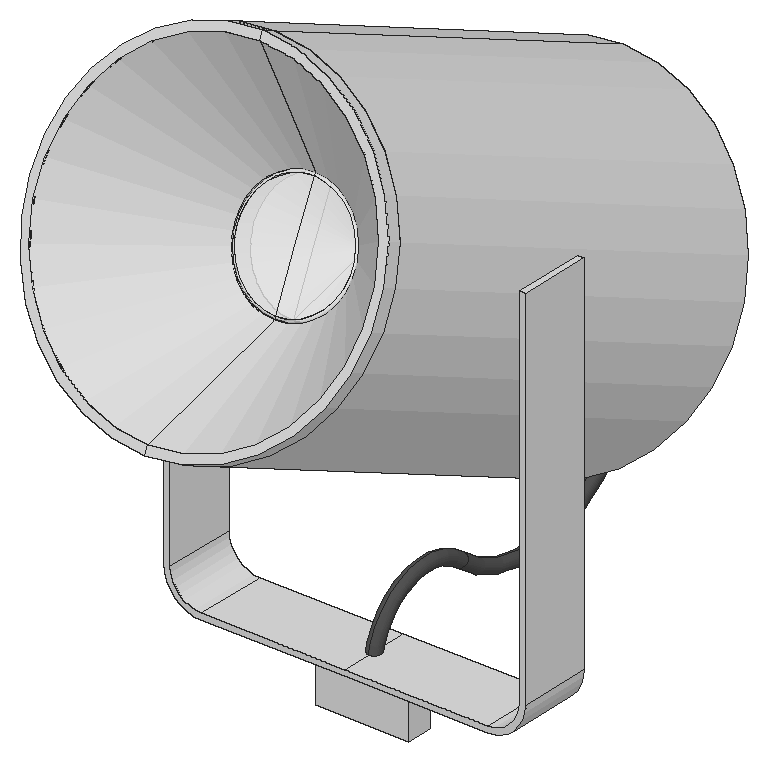
Revit family "AKTFCP38", category Lighting Fixtures, host Face, Revit 2012
Parameters (values of type "AKTFCP38")
  Wire = Black
  Wattage Comments = "300W"
  Wattage = 300 W
  built-in parameter 1150110 = 1 (stored number, unit not read)
  built-in parameter 1114217 = 1 (stored number, unit not read)
  Tilt Angle = -90.00°
  built-in parameter 1150109 = 1 (stored number, unit not read)
  built-in parameter 1150134 = 3
  built-in parameter 1150113 = 1 (stored number, unit not read)
  Photometric Web File = "generic"
  built-in parameter 1150142 = (empty or 0)
  built-in parameter 1150105 = 3546.2 (stored number, unit not read)
  Lumens = 44562.6 lm
  built-in parameter 1150115 = 1 (stored number, unit not read)
  built-in parameter 1150137 = (empty or 0)
  built-in parameter 1150139 = (empty or 0)
  built-in parameter 1150112 = 1 (stored number, unit not read)
  built-in parameter 1150114 = 1 (stored number, unit not read)
  built-in parameter 1150132 = (empty or 0)
  built-in parameter 1150102 = (empty or 0)
  built-in parameter 1150107 = 3200 (stored number, unit not read)
  built-in parameter 1150138 = (empty or 0)
  built-in parameter 1150106 = 35.462 (stored number, unit not read)
  Finish = Baked enamel finish (White)
  URL = "http://www.prescolite.com"
  Product Page URL = "http://www.prescolite.com/products/flat_back_cylinders/"
  Product Documentation Link = "http://www.prescolite.com/content/products/specs/specs_files/atrk_015.pdf"
  Model = "AKTFCP38"  # constant formula
  Manufacturer Phone = "864-678-1000"  # constant formula
  Manufacturer Fax = "864-678-1065"  # constant formula
  Manufacturer = "Prescolite"  # constant formula
  Lamp = "1"
  Glass = Glass
  Family = "Flat Back Cylinder"
  built-in parameter 1150104 = 13.8 (stored number, unit not read)
  Dimming Lamp Color Temperature Shift = <None>
  Description = "One Line Voltage Lamp up to 300W"  # constant formula
  Default Elevation = 48"
  Color Filter = 16777215
  built-in parameter 1114218 = 1 (stored number, unit not read)
  built-in parameter 1150133 = 10 (stored number, unit not read)
Reference planes (in)
  plane 1 "Center (Front/Back)": y = 0
  plane 2: z = 0
  plane 3 "Center (Left/Right)": x = 0.0375
  plane 4: z = 10.875
  plane 5: through (0, -6.18123, 9.19462) normal (0, -0.4226, -0.9063)
  plane 6: through (0, -3.93123, 9.19462) normal (0, -0.9063, 0.4226)
  plane 7: through (0, -5.52171, 5.78383) normal (0, -0.4226, -0.9063)
  plane 8: through (0, -3.14448, 10.88181) normal (0, -0.4226, -0.9063)
  plane 9: x = -2.77514
  plane 10: through (0, 4.29185, 7.89947) normal (0, -0.9063, 0.4226)
Forms (in)
  Revolve 1, solid, material "Baked enamel finish (White)" <- "Finish"
    sketch origin (0.0375, -3.05661, 3.48722) x (0, -1, 0) y (0, 0, 1)
      loop
        line (0.08787, 7.3946) -> (-0.13871, 7.28894) -> (-1.34603, 4.69982) -> (-0.96895, 4.87566) -> (0.14676, 7.2683) -> (0.08787, 7.3946)
      axis (1.27648, 4.84561) -> (-0.93347, 3.81509)
    angle from 0 to 360
  Extrusion 2, solid, material "Baked enamel finish (White)" <- "Finish"
    sketch origin (0, -1.52177, -0.09278) x (1, 0, 0) y (0, 0, 1)
      loop
        line (-2.77514, 7.47298) -> (-2.87514, 7.47298) -> (-2.87514, 1.52452)
        arc (-2.87514, 1.52452) -> (-2.69941, 1.10025) -> (-2.27514, 0.92452) r 0.6
        line (-2.27514, 0.92452) -> (0.0375, 0.92452) -> (2.35014, 0.92452)
        arc (2.35014, 0.92452) -> (2.77441, 1.10025) -> (2.95014, 1.52452) r 0.6
        line (2.95014, 1.52452) -> (2.95014, 7.47298) -> (2.85014, 7.47298) -> (2.85014, 1.52452)
        arc (2.85014, 1.52452) -> (2.70369, 1.17097) -> (2.35014, 1.02452) r 0.5
        line (2.35014, 1.02452) -> (0.0375, 1.02452) -> (-2.27514, 1.02452)
        arc (-2.27514, 1.02452) -> (-2.62869, 1.17097) -> (-2.77514, 1.52452) r 0.5
        line (-2.77514, 1.52452) -> (-2.77514, 7.47298)
    from -1.19143 to -0.02177
  Extrusion 3, solid, material "Baked enamel finish (White)" <- "Finish"
    sketch origin (0.075, 0, 0) x (-1, 0, 0) y (0, 0, 1)
      loop
        line (-0.7125, 0) -> (0.7875, 0) -> (0.7875, 0.75) -> (0.5375, 0.75) -> (0.5375, 0.83174) -> (0.0375, 0.83174) -> (-0.4625, 0.83174) -> (-0.4625, 0.75) -> (-0.7125, 0.75) -> (-0.7125, 0)
    from -0.73382 to -1.15035
  Sweep 4, solid, material "Black" <- "Wire"
    path origin (0.0375, 0, 0) x (0, -1, 0) y (0, 0, 1)
      loop
        arc (-2.5279, 5.13349) -> (-4.05808, 2.20184) -> (-0.82873, 1.48961) r 2.08242
        arc (-0.82873, 1.48961) -> (0.34817, 1.62952) -> (0.94237, 0.60404) r 1.07807
    profile origin (0.0375, -0.34817, 1.62952) x (0, -0.447219, 0.894425) y (-1, 0, 0)
      loop
        circle (0, 0) r 0.1083
  Revolve 5, solid, material "Glass" <- "Glass"
    sketch origin (0.0375, -0.27734, 1.59274) x (0, -1, 0) y (0, 0, 1)
      loop
        line (2.22288, 5.88541) -> (1.83103, 6.72575)
        arc (1.83103, 6.72575) -> (1.80196, 6.75238) -> (1.76258, 6.75066) r 0.0515
        line (1.76258, 6.75066) -> (1.43217, 6.59659) -> (1.8458, 5.70957) -> (2.22288, 5.88541)
      axis (2.22288, 5.88541) -> (1.8458, 5.70957)
    angle from 0 to 360
  Revolve 6, solid, material "Baked enamel finish (White)" <- "Finish"
    sketch origin (0.0375, -2.55476, 0.37596) x (0, -1, 0) y (0, 0, 1)
      loop
        line (0.36315, 10.4002) -> (-6.66073, 7.12491) -> (-5.47212, 4.57592) -> (-1.486, 6.43468) -> (0.36315, 10.4002)
      axis (1.55176, 7.85121) -> (-5.47212, 4.57592)
    angle from 0 to 360
Dimensions and locks (in)
  locked: plane 4 to plane 2 at 10.875
  locked: plane 8 to plane 7 at 5.625
  locked: plane 10 to plane 6 at 8
  level to Extrusion 3 = 3/4"
  aligned and locked: plane 2 to host face
  aligned and locked: level to host face
  aligned and locked: level to Extrusion 3 sketch curve
  aligned and locked: Extrusion 3 sketch curve to Extrusion 2  (x3)
  aligned and locked: Extrusion 3 sketch curve to level
  aligned and locked: plane 5 to Revolve 5 sketch curve  (x3)
  aligned and locked: Revolve 5 sketch curve to plane 5
  aligned and locked: imposter light to Extrusion 2 sketch curve  (x2)
  aligned and locked: plane 8 to Revolve 1 sketch curve
  aligned and locked: Revolve 1 sketch curve to plane 5
  aligned and locked: Revolve 6 sketch curve to Revolve 1  (x2)
  aligned and locked: Revolve 6 sketch curve to plane 10
  aligned and locked: Revolve 6 sketch curve to plane 5  (x2)
  aligned and locked: Revolve 1 to Revolve 5 sketch curve  (x2)
  aligned and locked: plane 6 to Revolve 1
  aligned and locked: Extrusion 2 sketch curve to plane 9
  aligned and locked: Extrusion 2 to Extrusion 2
  aligned and locked: plane 5 to Sweep 4 sketch curve
Connectors (in)
  electrical at (0.0375, -0.94208, 0), driven by "Description"
    settings: on Extrusion 3, index 1, voltage 0 V, apparent load 0 VA, apparent load phase1 0 VA, apparent load phase2 0 VA, apparent load phase3 0 VA, power factor 1, load classification "Other", number of poles 1, system type 30, power factor state 1, is connector primary yes, connector utility no, sub classification motor no, connector description "One Line Voltage Lamp up to 300W"
